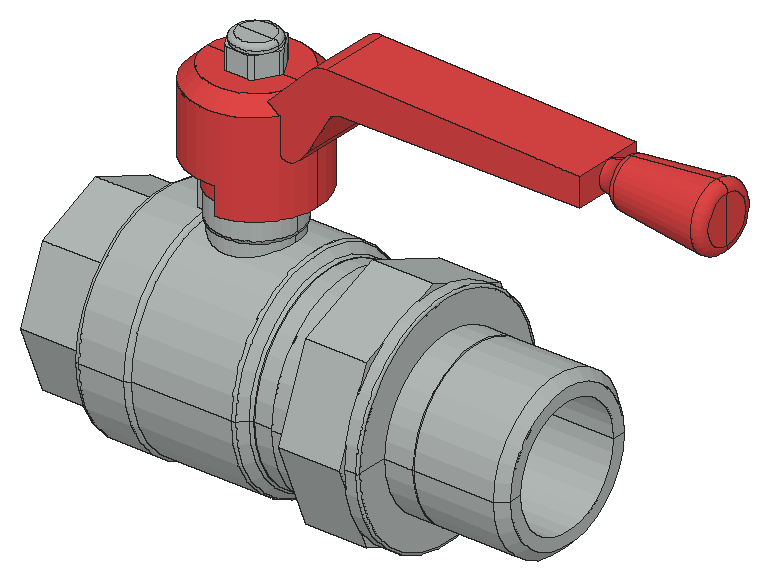
Revit family "QD02500000", category Apparecchi idraulici, Revit 2020
Family settings
  Quota connettore circolare = Usa diametro
  Tipo di parte = Normale
  Numero OmniClass = 23.45.00.00
  Titolo OmniClass = Sanitary, Laundry, and Cleaning Equipment
  Basato su piano di lavoro = No
  Sempre verticale = Sì
  Taglio con vuoti quando caricato = No
  Condiviso = No
  Punto di calcolo locali = No
Parameters
  URL = "https://web.cimberio.it/index.php/figura/256?subcategoria_id=43096"
  Temperatura di esercizio = "-20 ÷ 120°C"
  Prospetto di default = 0 mm
  Produttore = "CIMBERIO SPA"
  Pressione nominale = "PN 25"
  Modello = "Cim 246"
  Materiale = "Prodotto in lega di ottone conforme alla norma EN 12165-CW617N-DW"
  Descrizione = "Utilizzato nei più svariati settori dell'impiantistica: impianti di riscaldamento, condizionamento, idrici, igienico-sanitari, aria compressa e in generale con ogni fluido non corrosivo"
  DN Model [instance] = QD02502154 : QD02502154
  DN [instance] = 25 mm
  Commenti sul tipo = "Realizzato in ottemperanza ai requisiti gestionali della norma EN ISO 9001.\r\nCollaudato al 100% secondo la normativa EN 12266-1"
Reference planes
  plane 1 "Centro (Fronte/Retro)": y = 0
  plane 2: z = 0
  plane 3 "Centro (Sinistra/Destra)": x = 0
Dimensions and locks
  aligned and locked: level to plane 2
Nested families
  nested 1: "QD02502154" at (0, 0, 0), type <- "DN Model", type "QD02502154"
  nested 2: "QD02502154" at (0, 0, 0), type <- "DN Model", type "QD02502154"
  nested 3: "QD02502154" at (0, 0, 0), type <- "DN Model", type "QD02502154"
  nested 4: "QD02502154" at (0, 0, 0), type <- "DN Model", type "QD02502154"
  nested 5: "QD02502154" at (0, 0, 0), type <- "DN Model", type "QD02502154"
Connectors
  piping at (66.373, 0, 0), diameter 25, driven by "DN"
    settings: on nested 1, index 1, connector inside diameter 609.6 mm, connector length 0 mm, flow factor 0, pipe flow 0.0 L/s, pressure drop 0.0 Pa, fitting loss kfactor 0, connector angle 0.00°, fixture units 0, engagement length 0 mm, angle of deflection 0.00°, flow configuration 0, flow direction 0, fitting loss method 0, system type 7, joint type 0, gender type 0, connector reference index -1, connector utility 0, adjustable connector no, is connector primary yes, connector description ""
  piping at (-34.129, 0, 0), diameter 25, driven by "DN"
    settings: on nested 1, index 2, connector inside diameter 609.6 mm, connector length 0 mm, flow factor 0, pipe flow 0.0 L/s, pressure drop 0.0 Pa, fitting loss kfactor 0, connector angle 0.00°, fixture units 0, engagement length 0 mm, angle of deflection 0.00°, flow configuration 0, flow direction 0, fitting loss method 0, system type 7, joint type 0, gender type 0, connector reference index -1, connector utility 0, adjustable connector no, is connector primary no, connector description ""
Definition of nested family "QD02502154"
  Parameters (values of type "QD02502154")
    Default Elevation = 0 mm
  Reference planes
    plane 1 "Centro (Fronte/Retro)": y = 0
    plane 2: z = 0
    plane 3 "Centro (Sinistra/Destra)": x = 0
  Forms (mm)
    Revolve 1, solid
      sketch origin (0, 0, 0) x (1, 0, 0) y (0, 1, 0)
        loop
          line (-20.29, 12.5) -> (16.094, 12.5) -> (16.094, 20.67)
          arc (16.094, 20.67) -> (15.634, 20.816) -> (15.227, 21.074) r 1.87
          line (15.227, 21.074) -> (13.721, 22.58)
          arc (13.721, 22.58) -> (13.323, 22.824) -> (12.857, 22.861) r 1
          line (12.857, 22.861) -> (-8.492, 22.861)
          arc (-8.492, 22.861) -> (-8.912, 23.251) -> (-9.46, 23.42) r 1.288
          line (-9.46, 23.42) -> (-19.233, 23.334)
          arc (-19.233, 23.334) -> (-19.981, 23.024) -> (-20.29, 22.277) r 1.057
          line (-20.29, 22.277) -> (-20.29, 12.5)
        axis (-20.29, 0) -> (16.094, 0)
      angle from 0 to 360
    Extrusion 2, solid
      sketch origin (0, 0, 0) x (0, 1, 0) y (0, 0, 1)
        loop
          circle (0, 0) r 12.5
        loop
          line (0, 25) -> (-17.678, 17.678) -> (-25, 0) -> (-17.678, -17.678) -> (0, -25) -> (17.678, -17.678) -> (25, 0) -> (17.678, 17.678) -> (0, 25)
      from 24.801 to 37.832
    Revolve 3, solid
      sketch origin (0, 0, 4.062) x (1, 0, 0) y (0, 0, 1)
        loop
          line (0.065, 27.317) -> (0.065, 10.2) -> (8.5, 10.2) -> (8.5, 20.16)
          arc (8.5, 20.16) -> (8.86, 20.393) -> (9, 20.8) r 0.66
          line (9, 20.8) -> (9, 27.317) -> (0.065, 27.317)
        axis (0.065, 27.317) -> (0.065, 10.2)
      angle from 0 to 360
    Extrusion 4, solid
      sketch origin (0, 0, 10.625) x (1, 0, 0) y (0, 0, 1)
        loop
          line (-13, 26.3) -> (-13, 21) -> (-11, 19.845) -> (-11, 10.135) -> (-7.793, 10.135) -> (-7.793, 26.3) -> (-13, 26.3)
      from 0 to 1.742
    Revolve 5, solid
      sketch origin (0, 0, 4.062) x (1, 0, 0) y (0, 0, 1)
        loop
          line (0, 28.8) -> (-5.984, 28.8) -> (-7.003, 28.281) -> (-7.003, 26.625) -> (0, 26.625) -> (0, 28.8)
        axis (0, 28.8) -> (0, 26.625)
      angle from 0 to 360
    Revolve 6, solid
      sketch origin (0, 0, 8.056) x (1, 0, 0) y (0, 0, 1)
        loop
          line (0, 45.8) -> (-10.25, 45.806) -> (-13.25, 42.806) -> (-13.25, 22.955) -> (-7.25, 22.955) -> (-7.25, 33.512) -> (0, 33.512) -> (0, 45.8)
        axis (0, 45.806) -> (0, 22.955)
      angle from 0 to 360
    Extrusion 7, solid
      sketch origin (0, 0, 4.062) x (1, 0, 0) y (0, 1, 0)
        loop
          line (5.462, 0.547) -> (3.193, 4.475)
          arc (3.193, 4.475) -> (2.807, 4.862) -> (2.279, 5.003) r 1.056
          line (2.279, 5.003) -> (-2.264, 5.003)
          arc (-2.264, 5.003) -> (-2.805, 4.858) -> (-3.201, 4.462) r 1.082
          line (-3.201, 4.462) -> (-5.46, 0.55)
          arc (-5.46, 0.55) -> (-5.607, 0) -> (-5.46, -0.55) r 1.1
          line (-5.46, -0.55) -> (-3.2, -4.464)
          arc (-3.2, -4.464) -> (-2.805, -4.859) -> (-2.266, -5.003) r 1.078
          line (-2.266, -5.003) -> (2.25, -5.003)
          arc (2.25, -5.003) -> (2.803, -4.855) -> (3.208, -4.45) r 1.106
          line (3.208, -4.45) -> (5.462, -0.547)
          arc (5.462, -0.547) -> (5.608, 0) -> (5.462, 0.547) r 1.093
      from 54.3 to 49.794
    Revolve 8, solid
      sketch origin (0, 0, 8.064) x (1, 0, 0) y (0, 0, 1)
        loop
          line (0, 51.8) -> (0, 49.682) -> (4.75, 49.682) -> (4.75, 50.8)
          arc (4.75, 50.8) -> (4.457, 51.507) -> (3.75, 51.8) r 1
          line (3.75, 51.8) -> (0, 51.8)
        axis (0, 51.8) -> (0, 49.682)
      angle from 0 to 360
    Revolve 9, solid
      sketch origin (0, 0, 0) x (1, 0, 0) y (0, 1, 0)
        loop
          line (16.094, 20.67) -> (16.094, 12.5) -> (20.146, 12.5) -> (20.146, 20.67) -> (16.094, 20.67)
        axis (16.094, 0) -> (20.146, 0)
      angle from 0 to 360
    Revolve 10, solid
      sketch origin (0, 0, 0) x (1, 0, 0) y (0, 1, 0)
        loop
          line (24.801, 21.013) -> (20.146, 20.973) -> (20.146, 12.5) -> (24.801, 12.5) -> (24.801, 21.013)
        axis (20.146, 0) -> (24.801, 0)
      angle from 0 to 360
    Revolve 11, solid
      sketch origin (5, 0, 0) x (1, 0, 0) y (0, 1, 0)
        loop
          line (32.832, 12.5) -> (35.838, 12.5) -> (35.838, 23.353)
          arc (35.838, 23.353) -> (35.691, 23.707) -> (35.338, 23.853) r 0.5
          line (35.338, 23.853) -> (32.832, 23.853) -> (32.832, 12.5)
        axis (32.832, 0) -> (35.838, 0)
      angle from 0 to 360
    Revolve 12, solid
      sketch origin (0, 0, 0) x (1, 0, 0) y (0, 1, 0)
        loop
          line (40.838, 16.944) -> (40.838, 12.5) -> (47.068, 12.5) -> (47.068, 16.944) -> (40.838, 16.944)
        axis (40.838, 0) -> (47.068, 0)
      angle from 0 to 360
    Revolve 13, solid
      sketch origin (7, 0, 0) x (1, 0, 0) y (0, 1, 0)
        loop
          line (40.068, 16.904) -> (40.068, 12.5) -> (59.373, 12.5) -> (59.373, 15.069) -> (57.356, 17.052) -> (40.068, 16.904)
        axis (40.068, 0) -> (59.373, 0)
      angle from 0 to 360
    Extrusion 14, void
      sketch origin (0, 0, 4.062) x (1, 0, 0) y (0, 1, 0)
        loop
          line (-9.25, 0) -> (-14.077, 0)
          arc (-14.077, 0) -> (-9.371, -10.505) -> (1.6, -13.986) r 14.077
          line (1.6, -13.986) -> (1.6, -9.111)
          arc (1.6, -9.111) -> (-5.948, -7.084) -> (-9.25, 0) r 9.25
      from 26.3 to 32.8
    Extrusion 15, solid
      sketch origin (0, 0, 0) x (0, 1, 0) y (0, 0, 1)
        loop
          circle (0, 0) r 12.5
        loop
          line (0, 20.25) -> (-14.319, 14.319) -> (-20.25, 0) -> (-14.319, -14.319) -> (0, -20.25) -> (14.319, -14.319) -> (20.25, 0) -> (14.319, 14.319) -> (0, 20.25)
      from -34.129 to -20.164
    Revolve 16, solid
      sketch origin (20.1, 0.625, 8.125) x (1, 0, 0) y (0, 0, 1)
        loop
          line (54.901, 50.737) -> (79.9, 50.737) -> (79.9, 55.746)
          arc (79.9, 55.746) -> (79.239, 57.235) -> (77.689, 57.737) r 1.999
          line (77.689, 57.737) -> (59.679, 55.811)
          arc (59.679, 55.811) -> (59.083, 55.652) -> (58.578, 55.298) r 1.771
          arc (58.578, 55.298) -> (56.892, 54.159) -> (54.902, 53.737) r 5.315
          line (54.902, 53.737) -> (54.901, 50.737)
        axis (54.901, 50.737) -> (79.9, 50.737)
      angle from 0 to 360
    Extrusion 17, solid
      sketch origin (0, 0, 4.062) x (1, 0, 0) y (0, 0, 1)
        loop
          line (17.48, 57.78) -> (7.787, 48.087) -> (10.027, 40.631)
          arc (10.027, 40.631) -> (11.941, 38.922) -> (14.476, 39.319) r 3
          arc (14.476, 39.319) -> (15.839, 40.49) -> (16.907, 41.935) r 8
          line (16.907, 41.935) -> (21.599, 50.062)
          arc (21.599, 50.062) -> (22.497, 50.968) -> (23.726, 51.313) r 2.5
          line (23.726, 51.313) -> (75, 51.8) -> (75.001, 57.8) -> (21.149, 59.242)
          arc (21.149, 59.242) -> (19.164, 58.889) -> (17.48, 57.78) r 5
      from -7.473 to 7.473
  Cuts and joins
    Extrusion 14 cuts Revolve 6
  Dimensions and locks
    aligned and locked: level to plane 2
